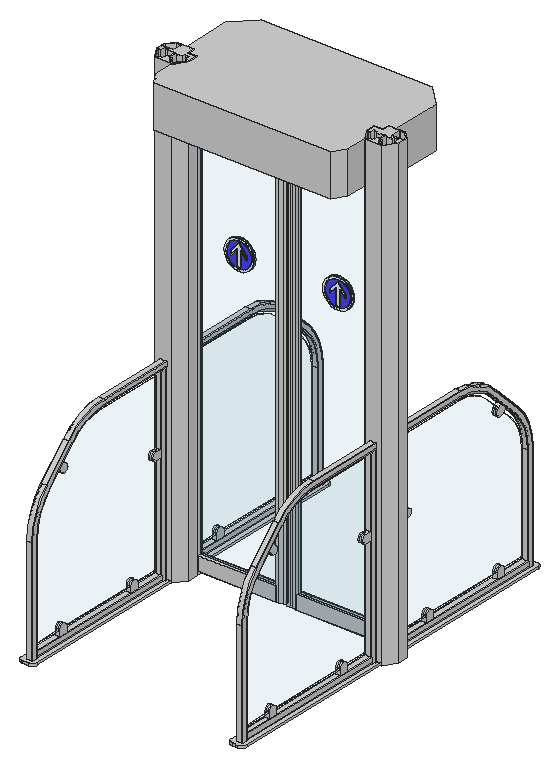
Revit family "assa_abloy_el_single", category Doors, Revit 2026
Family settings
  Work Plane-Based = No
  Always vertical = Yes
  Cut with Voids When Loaded = No
  Shared = No
  Room Calculation Point = No
Parameters (values of type "FlipFlow Wide_1229")
  Width = NominalWidth  # 1229.00 mm
  Weight = "n/a"
  WarrantyStartDate [instance] = "366.999988425926"
  WarrantyGuarantorParts = "Local door manufacturer"
  WarrantyDurationUnit = "Depends on country"
  WarrantyDurationParts = "Depends on country"
  WarrantyDescription = "Depends on country"
  Version = "1"
  Uniclass2015Version = "1.9"
  Uniclass2015Title = "High security doorsets"
  Uniclass2015Code = "Pr_30_59_24_37"
  URL = "https://www.assaabloyentrance.com"
  Type Comments = ""
  ThresholdStripping = no
  ThresholdRequired = no
  Thickness = 0.00 mm
  ThermalTransmittance = 0
  TagNumber [instance] = "n/a"
  SmokeStop = no
  Size = "2365x2248x1229"
  ShortRailing = yes
  Shape = "cuboid shaped"
  SerialNumber [instance] = "n/a"
  Sensor = agtatec_Record_Aluminium
  SelfClosing = yes
  SafetyDevices = "YES"
  Rubber = agtatec_Record_Rubber
  Rough Width = NominalWidth  # 1229.00 mm
  Rough Height = NominalHeight  # 2365.00 mm
  Revision = "n/a"
  ReplacementCost = "Depends on the configuration and door type"
  Reference = "n/a"
  ProductInformation = "www.agta-record.com"
  PassageWidthOptions = "650/900/1100/1200"
  PassageWidth = 900.00 mm
  PassageHeight = 2150.00 mm
  PanelWidth = (PassageWidth / 2) + 23.10 mm  # 473.10 mm
  PanelGlass = agtatec_Record_Glass
  Operation = "Automatic"
  OperatingTemperature = "n/a"
  OpeningRotationAngle = if(OpenDoor, 90.00°, 0.00°)  # 0.00°
  OpenDoor = no
  NominalWidth = 1229.00 mm
  NominalLength = 2248.00 mm
  NominalHeight = 2365.00 mm
  Name = "EL Wide"
  NBSReference = "25-50-20/175"
  NBSDescription = "Sliding Doorset"
  ModelReference = "depends on the configuration"
  ModelNumber = "n/a"
  Model = ""
  Material = "Aluminium"
  ManufacturerURL = "www.agta-record.com"
  Manufacturer = "info@blasi.info"
  Length = 5999.839 mm
  LeafColourOptions = "n/a"
  LargeRailing = no
  Keynote = ""
  IsExternal = no
  InstallationDate [instance] = "366.999988425926"
  Infiltration = 0
  IfcExportType = "Door"
  IfcExportAs = "IFCDoorStyle"
  HeightUnderCanopyOptions = "n/a"
  Height = NominalHeight  # 2365.00 mm
  HasDrive = yes
  HandicapAccessible = yes
  Grade = "n/a"
  GlassType = "n/a"
  GlassThickness2 = 0.00 mm
  GlassThickness1 = 0.00 mm
  GlassLayers = 1
  Function = Exterior
  Frames = agtatec_Record_Aluminium
  FrameProfile = "n/a"
  FrameMaterial = agtatec_Record_Aluminium
  FrameFinishOptions = "stainless steel finish"
  Fire Rating = ""
  Finish = "Aluminium and Glass"
  Features = "n/a"
  Extended = no
  ExpectedLife = "n/a"
  ElectronicLock = yes
  DurationUnit = "Year"
  DoorsetOptions = "n/a"
  DoorsetOperation = "n/a"
  DoorsetFasteners = "n/a"
  DoorSeal = yes
  DoorIncluded = yes
  DiameterOptions = "n/a"
  Description = ""
  Define Thermal Properties by = Schematic Type
  Cost = 0
  Construction Type = "Automatic Sliding Door"
  Constituents = "n/a"
  Configuration = "n/a"
  Color = "RAL"
  CodePerformance = "n/a"
  Category = "n/a"
  Capacity = "up tp 2000 people / hour"
  CanopyHeightOptions = "n/a"
  CanopyHeight = 211.00 mm
  BarCode [instance] = "n/a"
  BIMObjectName = "EL Wide"
  Author = "agtatec"
  AssetType = "n/a"
  AssetIdentifier [instance] = "n/a"
  Assembly Code = ""
  AntiFingerTrapRequirement = no
  Analytic Construction = "<None>"
  AlternativeDoorsetGlazing = "n/a"
  AccessoryOptions = "n/a"
  AccessibilityPerformance = "n/a"
Reference planes
  plane 1 "Entry": y = 0
  plane 2: z = 0
  plane 3 "Center (Left/Right)": x = 0
  plane 4 "Top": z = 2361
  plane 5 "PH": z = 2150
  plane 6: x = -450
  plane 7: x = 450
  plane 8: x = 473.1
  plane 9: x = -473.1
  plane 10 "Right": x = 528.4
  plane 11: x = 536.4
  plane 12 "Left": x = -528.4
  plane 13: x = -536.4
  plane 14: y = 9.35
  plane 15: y = 17.45
  plane 16: z = 70.9
  plane 17: z = 2130.9
Forms (mm)
  Sweep 1, solid, material "agtatec_Record_Aluminium" <- "Frames"
    path origin (0, 0, 0) x (1, 0, 0) y (0, 0, 1)
      loop
        line (450, 0) -> (450, 2361)
    profile origin (450, 0, 1180.5) x (-1, 0, 0) y (0, -1, 0)
      loop
        line (-37.465, 128.76) -> (-127.035, 128.76) -> (-164.5, 68.803) -> (-164.5, 20.298) -> (-126.752, -17.45) -> (-43.296, -17.45) -> (-43.296, 20.296) -> (0, 20.296) -> (0, 68.803) -> (-37.465, 128.76)
      loop
        line (-93.15, 103.76) -> (-100.15, 103.76) -> (-100.15, 113.76) -> (-110.85, 113.76) -> (-110.85, 121.863) -> (-127.78, 121.863) -> (-162, 67.057) -> (-162, 65.303) -> (-144.6, 65.303) -> (-144.6, 44) -> (-121.65, 44) -> (-121.65, 53.5) -> (-84.65, 53.5) -> (-84.65, 90.06) -> (-93.15, 90.06) -> (-93.15, 103.76)
      loop
        line (-71.15, 103.76) -> (-71.15, 90.06) -> (-79.65, 90.06) -> (-79.65, 53.5) -> (-42.65, 53.5) -> (-42.65, 44) -> (-19.9, 44) -> (-19.9, 65.303) -> (-2.3, 65.303) -> (-2.3, 67.057) -> (-36.52, 121.863) -> (-53.45, 121.863) -> (-53.45, 113.76) -> (-64.15, 113.76) -> (-64.15, 103.76) -> (-71.15, 103.76)
      loop
        line (-102.6, 39) -> (-162, 39) -> (-162, 21.326) -> (-129.934, -10.74) -> (-106, -10.74) -> (-106, -7.95) -> (-102.6, -7.95) -> (-102.6, 39)
  Sweep 2, solid, material "agtatec_Record_Aluminium" <- "Frames"
    path origin (0, 0, 0) x (-1, 0, 0) y (0, 0, 1)
      loop
        line (450, 0) -> (450, 2361)
    profile origin (-450, 0, 1180.5) x (-1, 0, 0) y (0, -1, 0)
      loop
        line (37.465, 128.76) -> (0, 68.803) -> (0, 20.296) -> (43.296, 20.296) -> (43.296, -17.45) -> (126.752, -17.45) -> (164.5, 20.298) -> (164.5, 68.803) -> (127.035, 128.76) -> (37.465, 128.76)
      loop
        line (93.15, 103.76) -> (93.15, 90.06) -> (84.65, 90.06) -> (84.65, 53.5) -> (121.65, 53.5) -> (121.65, 44) -> (144.6, 44) -> (144.6, 65.303) -> (162, 65.303) -> (162, 67.057) -> (127.78, 121.863) -> (110.85, 121.863) -> (110.85, 113.76) -> (100.15, 113.76) -> (100.15, 103.76) -> (93.15, 103.76)
      loop
        line (71.15, 103.76) -> (64.15, 103.76) -> (64.15, 113.76) -> (53.45, 113.76) -> (53.45, 121.863) -> (36.52, 121.863) -> (2.3, 67.057) -> (2.3, 65.303) -> (19.9, 65.303) -> (19.9, 44) -> (42.65, 44) -> (42.65, 53.5) -> (79.65, 53.5) -> (79.65, 90.06) -> (71.15, 90.06) -> (71.15, 103.76)
      loop
        line (102.6, 39) -> (102.6, -7.95) -> (106, -7.95) -> (106, -10.74) -> (129.934, -10.74) -> (162, 21.326) -> (162, 39) -> (102.6, 39)
  Extrusion 3, solid, material "agtatec_Record_Aluminium" <- "Frames"
    sketch origin (0, 0, 2150) x (-1, 0, 0) y (0, -1, 0)
      loop
        line (-488.1, 129.776) -> (-450, 68.803) -> (-450, 20.296) -> (-493.296, 20.296) -> (-493.296, -17.45) -> (-531.6, -17.45) -> (-531.6, -267.378) -> (-432.428, -366.55) -> (431.978, -366.55) -> (531.6, -266.928) -> (531.6, -17.45) -> (493.296, -17.45) -> (493.296, 20.296) -> (450, 20.296) -> (450, 68.803) -> (487.75, 129.216) -> (487.75, 231.198) -> (447.851, 295.05) -> (-448.458, 295.05) -> (-488.1, 231.61) -> (-488.1, 129.776)
    from 0 to 10
  Extrusion 4, solid, material "agtatec_Record_Aluminium" <- "Frames"
    sketch origin (0, -5999.839, 2150) x (-1, 0, 0) y (0, -1, 0)
      loop
        line (-531.6, -6267.218) -> (-432.428, -6366.389) -> (431.978, -6366.389) -> (531.6, -6266.768) -> (531.6, -6017.289) -> (529.6, -6017.289) -> (529.6, -6266.115) -> (430.974, -6364.389) -> (-431.6, -6364.389) -> (-529.6, -6266.389) -> (-529.6, -6017.289) -> (-531.6, -6017.289) -> (-531.6, -6267.218)
    from 0 to 211
  Extrusion 5, solid, material "agtatec_Record_Aluminium" <- "Frames"
    sketch origin (0, 0, 2150) x (-1, 0, 0) y (0, -1, 0)
      loop
        line (487.75, 128.76) -> (487.75, 231.198) -> (447.851, 295.05) -> (-448.458, 295.05) -> (-488.1, 231.61) -> (-488.1, 128.76) -> (-486.1, 128.76) -> (-486.1, 231.037) -> (-447.35, 293.05) -> (446.742, 293.05) -> (485.75, 230.625) -> (485.75, 128.76) -> (487.75, 128.76)
    from 0 to 211
  Extrusion 6, solid, material "agtatec_Record_Aluminium" <- "Frames"
    sketch origin (0, 0, 2361) x (-1, 0, 0) y (0, -1, 0)
      loop
        line (487.75, 129.216) -> (487.75, 231.198) -> (447.851, 295.05) -> (-448.458, 295.05) -> (-488.1, 231.61) -> (-488.1, 129.776) -> (-450, 68.803) -> (-450, 20.296) -> (-493.296, 20.296) -> (-493.296, -17.45) -> (-531.6, -17.45) -> (-531.6, -267.378) -> (-432.428, -366.55) -> (431.978, -366.55) -> (531.6, -266.928) -> (531.6, -17.45) -> (493.296, -17.45) -> (493.296, 20.296) -> (450, 20.296) -> (450, 68.803) -> (487.75, 129.216)
    from 0 to -10
  Sweep 7, solid, material "agtatec_Record_Aluminium" <- "Frames"
    path origin (528.4, 0, 0) x (0, -1, 0) y (0, 0, 1)
      loop
        line (128.76, 1000) -> (521.973, 1000)
        arc (521.973, 1000) -> (642.519, 976.022) -> (744.712, 907.739) r 315
        line (744.712, 907.739) -> (886.133, 766.317)
        arc (886.133, 766.317) -> (954.417, 664.124) -> (978.395, 543.579) r 315
        line (978.395, 543.579) -> (978.395, 0)
    profile origin (528.4, -325.367, 1000) x (0, 0, 1) y (-1, 0, 0)
      loop
        arc (0, 8.042) -> (-0.893, 10.136) -> (-2.999, 11) r 2.999
        line (-2.999, 11) -> (-26.998, 11)
        arc (-26.998, 11) -> (-29.119, 10.121) -> (-30, 8) r 3
        line (-30, 8) -> (-30, -16.051)
        arc (-30, -16.051) -> (-29.104, -18.139) -> (-27.002, -19) r 2.999
        line (-27.002, -19) -> (-3.001, -19)
        arc (-3.001, -19) -> (-0.894, -18.136) -> (0, -16.041) r 3.001
        line (0, -16.041) -> (0, 8.042)
  Sweep 8, solid, material "agtatec_Record_Aluminium" <- "Frames", visible <- "LargeRailing"
    path origin (528.4, 18.7, 0) x (0, 1, 0) y (0, 0, 1)
      loop
        line (-1.25, 1000) -> (742.679, 1000)
        arc (742.679, 1000) -> (863.225, 976.022) -> (965.418, 907.739) r 315
        line (965.418, 907.739) -> (1106.841, 766.316)
        arc (1106.841, 766.316) -> (1175.124, 664.122) -> (1199.102, 543.577) r 315
        line (1199.102, 543.577) -> (1199.102, 0)
    profile origin (528.4, 389.415, 1000) x (0, 0, -1) y (-1, 0, 0)
      loop
        line (0, 8.042) -> (0, -16.041)
        arc (0, -16.041) -> (0.894, -18.136) -> (3.001, -19) r 3.001
        line (3.001, -19) -> (27.002, -19)
        arc (27.002, -19) -> (29.104, -18.139) -> (30, -16.051) r 2.999
        line (30, -16.051) -> (30, 8)
        arc (30, 8) -> (29.119, 10.121) -> (26.998, 11) r 3
        line (26.998, 11) -> (2.999, 11)
        arc (2.999, 11) -> (0.893, 10.136) -> (0, 8.042) r 2.999
  Extrusion 9, solid, material "agtatec_Record_Aluminium" <- "Frames"
    sketch origin (0, 0, 0) x (1, 0, 0) y (0, 1, 0)
      loop
        line (492.399, -128.76) -> (492.399, -978.395)
        arc (492.399, -978.395) -> (499.722, -996.072) -> (517.399, -1003.395) r 25
        line (517.399, -1003.395) -> (547.399, -1003.395)
        arc (547.399, -1003.395) -> (565.077, -996.072) -> (572.399, -978.395) r 25
        line (572.399, -978.395) -> (572.399, -128.76) -> (544.441, -128.76)
        arc (544.441, -128.76) -> (546.562, -129.639) -> (547.441, -131.76) r 3
        line (547.441, -131.76) -> (547.441, -155.76)
        arc (547.441, -155.76) -> (546.564, -157.879) -> (544.448, -158.76) r 3
        line (544.448, -158.76) -> (520.433, -158.76)
        arc (520.433, -158.76) -> (518.317, -157.879) -> (517.441, -155.76) r 3
        line (517.441, -155.76) -> (517.441, -131.76)
        arc (517.441, -131.76) -> (518.319, -129.639) -> (520.441, -128.76) r 3
        line (520.441, -128.76) -> (492.399, -128.76)
      loop
        line (520.358, -978.395) -> (544.441, -978.395)
        arc (544.441, -978.395) -> (546.536, -977.501) -> (547.4, -975.394) r 3.001
        line (547.4, -975.394) -> (547.4, -951.393)
        arc (547.4, -951.393) -> (546.539, -949.29) -> (544.451, -948.394) r 2.999
        line (544.451, -948.394) -> (520.4, -948.394)
        arc (520.4, -948.394) -> (518.279, -949.275) -> (517.4, -951.397) r 3
        line (517.4, -951.397) -> (517.4, -975.396)
        arc (517.4, -975.396) -> (518.264, -977.502) -> (520.358, -978.395) r 2.999
    from 0 to 10
  Extrusion 10, solid, material "agtatec_Record_Aluminium" <- "Frames", visible <- "LargeRailing"
    sketch origin (0, 239.408, 0) x (1, 0, 0) y (0, 1, 0)
      loop
        line (492.399, -221.958) -> (520.441, -221.958)
        arc (520.441, -221.958) -> (518.319, -221.079) -> (517.441, -218.958) r 3
        line (517.441, -218.958) -> (517.441, -194.958)
        arc (517.441, -194.958) -> (518.317, -192.839) -> (520.433, -191.958) r 3
        line (520.433, -191.958) -> (544.448, -191.958)
        arc (544.448, -191.958) -> (546.564, -192.839) -> (547.441, -194.958) r 3
        line (547.441, -194.958) -> (547.441, -218.958)
        arc (547.441, -218.958) -> (546.562, -221.079) -> (544.441, -221.958) r 3
        line (544.441, -221.958) -> (572.399, -221.958) -> (572.399, 978.395)
        arc (572.399, 978.395) -> (565.077, 996.072) -> (547.399, 1003.395) r 25
        line (547.399, 1003.395) -> (517.399, 1003.395)
        arc (517.399, 1003.395) -> (499.722, 996.072) -> (492.399, 978.395) r 25
        line (492.399, 978.395) -> (492.399, -221.958)
      loop
        line (517.4, 975.396) -> (517.4, 951.397)
        arc (517.4, 951.397) -> (518.279, 949.275) -> (520.4, 948.397) r 3
        line (520.4, 948.397) -> (544.451, 948.394)
        arc (544.451, 948.394) -> (546.539, 949.29) -> (547.4, 951.393) r 2.999
        line (547.4, 951.393) -> (547.4, 975.394)
        arc (547.4, 975.394) -> (546.536, 977.501) -> (544.441, 978.395) r 3.001
        line (544.441, 978.395) -> (520.358, 978.395)
        arc (520.358, 978.395) -> (518.264, 977.502) -> (517.4, 975.396) r 2.999
    from 0 to 10
  Extrusion 11, solid, material "agtatec_Record_Aluminium" <- "Frames", visible <- "LargeRailing"
    sketch origin (0, 47.45, 256.131) x (0, 0, -1) y (1, 0, 0)
      loop
        line (-213.868, 544.496) -> (-213.868, 520.302)
        arc (-213.868, 520.302) -> (-212.989, 518.235) -> (-210.921, 517.358) r 3
        line (-210.921, 517.358) -> (-186.871, 517.358)
        arc (-186.871, 517.358) -> (-184.749, 518.237) -> (-183.869, 520.359) r 3.002
        line (-183.869, 520.359) -> (-183.869, 544.439)
        arc (-183.869, 544.439) -> (-184.749, 546.561) -> (-186.871, 547.441) r 3.002
        line (-186.871, 547.441) -> (-210.921, 547.441)
        arc (-210.921, 547.441) -> (-212.989, 546.563) -> (-213.868, 544.496) r 3
    from 0 to -1140.352
  Extrusion 12, solid, material "agtatec_Record_Aluminium" <- "Frames"
    sketch origin (0, 0, 0) x (1, 0, 0) y (0, 1, 0)
      loop
        arc (517.441, -155.76) -> (518.317, -157.879) -> (520.433, -158.76) r 3
        line (520.433, -158.76) -> (544.448, -158.76)
        arc (544.448, -158.76) -> (546.564, -157.879) -> (547.441, -155.76) r 3
        line (547.441, -155.76) -> (547.441, -131.76)
        arc (547.441, -131.76) -> (546.562, -129.639) -> (544.441, -128.76) r 3
        line (544.441, -128.76) -> (520.441, -128.76)
        arc (520.441, -128.76) -> (518.319, -129.639) -> (517.441, -131.76) r 3
        line (517.441, -131.76) -> (517.441, -155.76)
    from 0 to 970
  Extrusion 13, solid, material "agtatec_Record_Glass" <- "PanelGlass", visible <- "LargeRailing"
    sketch origin (528.4, 0, 0) x (0, -1, 0) y (0, 0, 1)
      loop
        arc (-767.249, 949.5) -> (-862.92, 930.47) -> (-944.026, 876.277) r 250
        line (-944.026, 876.277) -> (-1004.912, 815.391) -> (-998.265, 808.744)
        arc (-998.265, 808.744) -> (-998.265, 780.46) -> (-1026.549, 780.46) r 20
        line (-1026.549, 780.46) -> (-1033.196, 787.107) -> (-1094.579, 725.724)
        arc (-1094.579, 725.724) -> (-1148.772, 644.618) -> (-1167.802, 548.947) r 250
        line (-1167.802, 548.947) -> (-1167.802, 490.5) -> (-957.802, 490.5) -> (-957.802, 500)
        arc (-957.802, 500) -> (-937.802, 520) -> (-917.802, 500) r 20
        line (-917.802, 500) -> (-917.802, 490.5) -> (-287.805, 490.5) -> (-287.805, 500)
        arc (-287.805, 500) -> (-267.805, 520) -> (-247.805, 500) r 20
        line (-247.805, 500) -> (-247.805, 490.5) -> (-67.805, 490.5) -> (-67.805, 949.5) -> (-247.805, 949.5) -> (-247.805, 940)
        arc (-247.805, 940) -> (-267.805, 920) -> (-287.805, 940) r 20
        line (-287.805, 940) -> (-287.805, 949.5) -> (-767.249, 949.5)
    from 0 to -8
  Extrusion 14, solid, material "agtatec_Record_Aluminium" <- "Frames", visible <- "LargeRailing"
    sketch origin (0, -111.31, 0) x (1, 0, 0) y (0, 1, 0)
      loop
        line (517.441, 155.76) -> (517.441, 131.76)
        arc (517.441, 131.76) -> (518.319, 129.639) -> (520.441, 128.76) r 3
        line (520.441, 128.76) -> (544.441, 128.76)
        arc (544.441, 128.76) -> (546.562, 129.639) -> (547.441, 131.76) r 3
        line (547.441, 131.76) -> (547.441, 155.76)
        arc (547.441, 155.76) -> (546.564, 157.879) -> (544.448, 158.76) r 3
        line (544.448, 158.76) -> (520.433, 158.76)
        arc (520.433, 158.76) -> (518.317, 157.879) -> (517.441, 155.76) r 3
    from 0 to 970
  Extrusion 15, solid, material "agtatec_Record_Glass" <- "PanelGlass", visible <- "LargeRailing"
    sketch origin (528.4, 0, 0) x (0, -1, 0) y (0, 0, 1)
      loop
        line (-67.805, 420) -> (-247.805, 420) -> (-247.805, 410)
        arc (-247.805, 410) -> (-267.805, 390) -> (-287.805, 410) r 20
        line (-287.805, 410) -> (-287.805, 420) -> (-917.802, 420) -> (-917.802, 410)
        arc (-917.802, 410) -> (-937.802, 390) -> (-957.802, 410) r 20
        line (-957.802, 410) -> (-957.802, 420) -> (-1167.805, 420) -> (-1167.805, 60) -> (-957.802, 60) -> (-957.802, 70)
        arc (-957.802, 70) -> (-937.802, 90) -> (-917.802, 70) r 20
        line (-917.802, 70) -> (-917.802, 60) -> (-287.805, 60) -> (-287.805, 70)
        arc (-287.805, 70) -> (-267.805, 90) -> (-247.805, 70) r 20
        line (-247.805, 70) -> (-247.805, 60) -> (-67.805, 60) -> (-67.805, 420)
    from 0 to -8
  Extrusion 16, solid, material "agtatec_Record_Glass" <- "PanelGlass"
    sketch origin (528.4, 0, 0) x (0, -1, 0) y (0, 0, 1)
      loop
        line (178.395, 60) -> (308.395, 60) -> (308.395, 69.999)
        arc (308.395, 69.999) -> (328.395, 89.999) -> (348.395, 69.999) r 20
        line (348.395, 69.999) -> (348.395, 60) -> (758.395, 60) -> (758.395, 69.999)
        arc (758.395, 69.999) -> (778.395, 89.999) -> (798.395, 69.999) r 20
        line (798.395, 69.999) -> (798.395, 60) -> (928.395, 60) -> (928.395, 549.447)
        arc (928.395, 549.447) -> (909.365, 645.117) -> (855.171, 726.223) r 250
        line (855.171, 726.223) -> (794.037, 787.358) -> (787.138, 780.459)
        arc (787.138, 780.459) -> (758.854, 780.459) -> (758.854, 808.744) r 20
        line (758.854, 808.744) -> (765.753, 815.642) -> (704.618, 876.777)
        arc (704.618, 876.777) -> (623.512, 930.97) -> (527.841, 950) r 250
        line (527.841, 950) -> (178.395, 950) -> (178.395, 610) -> (188.76, 610)
        arc (188.76, 610) -> (208.76, 590) -> (188.76, 570) r 20
        line (188.76, 570) -> (178.395, 570) -> (178.395, 60)
    from 0 to -8
  Extrusion 17, solid, material "agtatec_Record_Aluminium" <- "Frames", visible <- "LargeRailing"
    sketch origin (0, 47.45, 256.131) x (0, 0, -1) y (1, 0, 0)
      loop
        line (216.132, 544.496) -> (216.132, 520.302)
        arc (216.132, 520.302) -> (217.011, 518.235) -> (219.079, 517.358) r 3
        line (219.079, 517.358) -> (243.129, 517.358)
        arc (243.129, 517.358) -> (245.251, 518.237) -> (246.131, 520.359) r 3.002
        line (246.131, 520.359) -> (246.131, 544.439)
        arc (246.131, 544.439) -> (245.251, 546.561) -> (243.129, 547.441) r 3.002
        line (243.129, 547.441) -> (219.079, 547.441)
        arc (219.079, 547.441) -> (217.011, 546.563) -> (216.132, 544.496) r 3
    from 0 to -1140.352
  Extrusion 18, solid, material "agtatec_Record_Aluminium" <- "Frames"
    sketch origin (0, -47.45, 256.131) x (0, 0, -1) y (-1, 0, 0)
      loop
        arc (216.132, -544.496) -> (217.011, -546.563) -> (219.079, -547.441) r 3
        line (219.079, -547.441) -> (243.129, -547.441)
        arc (243.129, -547.441) -> (245.251, -546.561) -> (246.131, -544.439) r 3.002
        line (246.131, -544.439) -> (246.131, -520.359)
        arc (246.131, -520.359) -> (245.251, -518.237) -> (243.129, -517.358) r 3.002
        line (243.129, -517.358) -> (219.079, -517.358)
        arc (219.079, -517.358) -> (217.011, -518.235) -> (216.132, -520.302) r 3
        line (216.132, -520.302) -> (216.132, -544.496)
    from -111.31 to -900.945
  Extrusion 19, solid, material "agtatec_Record_Aluminium" <- "Frames", visible <- "LargeRailing"
    sketch origin (528.4, 0, 0) x (0, -1, 0) y (0, 0, 1)
      loop
        line (-247.805, 970) -> (-287.805, 970) -> (-287.805, 940)
        arc (-287.805, 940) -> (-267.805, 920) -> (-247.805, 940) r 20
        line (-247.805, 940) -> (-247.805, 970)
      loop
        line (-1019.478, 829.957) -> (-1047.762, 801.673) -> (-1026.549, 780.46)
        arc (-1026.549, 780.46) -> (-998.265, 780.46) -> (-998.265, 808.744) r 20
        line (-998.265, 808.744) -> (-1019.478, 829.957)
      loop
        line (-957.802, 470) -> (-917.802, 470) -> (-917.802, 500)
        arc (-917.802, 500) -> (-937.802, 520) -> (-957.802, 500) r 20
        line (-957.802, 500) -> (-957.802, 470)
      loop
        line (-247.805, 470) -> (-247.805, 500)
        arc (-247.805, 500) -> (-267.805, 520) -> (-287.805, 500) r 20
        line (-287.805, 500) -> (-287.805, 470) -> (-247.805, 470)
      loop
        line (-957.802, 440) -> (-957.802, 410)
        arc (-957.802, 410) -> (-937.802, 390) -> (-917.802, 410) r 20
        line (-917.802, 410) -> (-917.802, 440) -> (-957.802, 440)
      loop
        line (-247.805, 440) -> (-287.805, 440) -> (-287.805, 410)
        arc (-287.805, 410) -> (-267.805, 390) -> (-247.805, 410) r 20
        line (-247.805, 410) -> (-247.805, 440)
      loop
        line (-957.802, 40) -> (-917.802, 40) -> (-917.802, 70)
        arc (-917.802, 70) -> (-937.802, 90) -> (-957.802, 70) r 20
        line (-957.802, 70) -> (-957.802, 40)
      loop
        line (-247.805, 40) -> (-247.805, 70)
        arc (-247.805, 70) -> (-267.805, 90) -> (-287.805, 70) r 20
        line (-287.805, 70) -> (-287.805, 40) -> (-247.805, 40)
    from -16 to 8
  Extrusion 20, solid, material "agtatec_Record_Aluminium" <- "Frames"
    sketch origin (528.4, 0, 0) x (0, -1, 0) y (0, 0, 1)
      loop
        line (780.067, 829.957) -> (758.854, 808.744)
        arc (758.854, 808.744) -> (758.854, 780.459) -> (787.138, 780.459) r 20
        line (787.138, 780.459) -> (808.351, 801.672) -> (780.067, 829.957)
      loop
        line (798.395, 39.999) -> (798.395, 69.999)
        arc (798.395, 69.999) -> (778.395, 89.999) -> (758.395, 69.999) r 20
        line (758.395, 69.999) -> (758.395, 39.999) -> (798.395, 39.999)
      loop
        line (348.395, 39.999) -> (348.395, 69.999)
        arc (348.395, 69.999) -> (328.395, 89.999) -> (308.395, 69.999) r 20
        line (308.395, 69.999) -> (308.395, 39.999) -> (348.395, 39.999)
      loop
        line (158.76, 570) -> (188.76, 570)
        arc (188.76, 570) -> (208.76, 590) -> (188.76, 610) r 20
        line (188.76, 610) -> (158.76, 610) -> (158.76, 570)
    from -16 to 8
  Sweep 21, solid, material "agtatec_Record_Aluminium" <- "Frames"
    path origin (-528.4, 0, 0) x (0, -1, 0) y (0, 0, 1)
      loop
        line (128.76, 1000) -> (521.973, 1000)
        arc (521.973, 1000) -> (642.519, 976.022) -> (744.712, 907.739) r 315
        line (744.712, 907.739) -> (886.133, 766.317)
        arc (886.133, 766.317) -> (954.417, 664.124) -> (978.395, 543.579) r 315
        line (978.395, 543.579) -> (978.395, 0)
    profile origin (-528.4, -325.367, 1000) x (0, 0, -1) y (1, 0, 0)
      loop
        line (0, 8.042) -> (0, -16.041)
        arc (0, -16.041) -> (0.894, -18.136) -> (3.001, -19) r 3.001
        line (3.001, -19) -> (27.002, -19)
        arc (27.002, -19) -> (29.104, -18.139) -> (30, -16.051) r 2.999
        line (30, -16.051) -> (30, 8)
        arc (30, 8) -> (29.119, 10.121) -> (26.998, 11) r 3
        line (26.998, 11) -> (2.999, 11)
        arc (2.999, 11) -> (0.893, 10.136) -> (0, 8.042) r 2.999
  Sweep 22, solid, material "agtatec_Record_Aluminium" <- "Frames", visible <- "LargeRailing"
    path origin (-528.4, 0, 0) x (0, -1, 0) y (0, 0, 1)
      loop
        line (-17.45, 1000) -> (-761.379, 1000)
        arc (-761.379, 1000) -> (-881.925, 976.022) -> (-984.118, 907.739) r 315
        line (-984.118, 907.739) -> (-1125.541, 766.316)
        arc (-1125.541, 766.316) -> (-1193.824, 664.122) -> (-1217.802, 543.577) r 315
        line (-1217.802, 543.577) -> (-1217.802, 0)
    profile origin (-528.4, 389.415, 1000) x (0, 0, 1) y (1, 0, 0)
      loop
        arc (0, 8.042) -> (-0.893, 10.136) -> (-2.999, 11) r 2.999
        line (-2.999, 11) -> (-26.998, 11)
        arc (-26.998, 11) -> (-29.119, 10.121) -> (-30, 8) r 3
        line (-30, 8) -> (-30, -16.051)
        arc (-30, -16.051) -> (-29.104, -18.139) -> (-27.002, -19) r 2.999
        line (-27.002, -19) -> (-3.001, -19)
        arc (-3.001, -19) -> (-0.894, -18.136) -> (0, -16.041) r 3.001
        line (0, -16.041) -> (0, 8.042)
  Extrusion 23, solid, material "agtatec_Record_Aluminium" <- "Frames"
    sketch origin (0, 0, 0) x (-1, 0, 0) y (0, -1, 0)
      loop
        line (492.399, 128.76) -> (520.441, 128.76)
        arc (520.441, 128.76) -> (518.319, 129.639) -> (517.441, 131.76) r 3
        line (517.441, 131.76) -> (517.441, 155.76)
        arc (517.441, 155.76) -> (518.317, 157.879) -> (520.433, 158.76) r 3
        line (520.433, 158.76) -> (544.448, 158.76)
        arc (544.448, 158.76) -> (546.564, 157.879) -> (547.441, 155.76) r 3
        line (547.441, 155.76) -> (547.441, 131.76)
        arc (547.441, 131.76) -> (546.562, 129.639) -> (544.441, 128.76) r 3
        line (544.441, 128.76) -> (572.399, 128.76) -> (572.399, 978.395)
        arc (572.399, 978.395) -> (565.077, 996.072) -> (547.399, 1003.395) r 25
        line (547.399, 1003.395) -> (517.399, 1003.395)
        arc (517.399, 1003.395) -> (499.722, 996.072) -> (492.399, 978.395) r 25
        line (492.399, 978.395) -> (492.399, 128.76)
      loop
        arc (520.358, 978.395) -> (518.264, 977.502) -> (517.4, 975.396) r 2.999
        line (517.4, 975.396) -> (517.4, 951.397)
        arc (517.4, 951.397) -> (518.279, 949.275) -> (520.4, 948.394) r 3
        line (520.4, 948.394) -> (544.451, 948.394)
        arc (544.451, 948.394) -> (546.539, 949.29) -> (547.4, 951.393) r 2.999
        line (547.4, 951.393) -> (547.4, 975.394)
        arc (547.4, 975.394) -> (546.536, 977.501) -> (544.441, 978.395) r 3.001
        line (544.441, 978.395) -> (520.358, 978.395)
    from 0 to 10
  Extrusion 24, solid, material "agtatec_Record_Aluminium" <- "Frames", visible <- "LargeRailing"
    sketch origin (0, 239.408, 0) x (-1, 0, 0) y (0, -1, 0)
      loop
        line (492.399, 221.958) -> (492.399, -978.395)
        arc (492.399, -978.395) -> (499.722, -996.072) -> (517.399, -1003.395) r 25
        line (517.399, -1003.395) -> (547.399, -1003.395)
        arc (547.399, -1003.395) -> (565.077, -996.072) -> (572.399, -978.395) r 25
        line (572.399, -978.395) -> (572.399, 221.958) -> (544.441, 221.958)
        arc (544.441, 221.958) -> (546.562, 221.079) -> (547.441, 218.958) r 3
        line (547.441, 218.958) -> (547.441, 194.958)
        arc (547.441, 194.958) -> (546.564, 192.839) -> (544.448, 191.958) r 3
        line (544.448, 191.958) -> (520.433, 191.958)
        arc (520.433, 191.958) -> (518.317, 192.839) -> (517.441, 194.958) r 3
        line (517.441, 194.958) -> (517.441, 218.958)
        arc (517.441, 218.958) -> (518.319, 221.079) -> (520.441, 221.958) r 3
        line (520.441, 221.958) -> (492.399, 221.958)
      loop
        arc (517.4, -975.396) -> (518.264, -977.502) -> (520.358, -978.395) r 2.999
        line (520.358, -978.395) -> (544.441, -978.395)
        arc (544.441, -978.395) -> (546.536, -977.501) -> (547.4, -975.394) r 3.001
        line (547.4, -975.394) -> (547.4, -951.393)
        arc (547.4, -951.393) -> (546.539, -949.29) -> (544.451, -948.394) r 2.999
        line (544.451, -948.394) -> (520.4, -948.397)
        arc (520.4, -948.397) -> (518.279, -949.275) -> (517.4, -951.397) r 3
        line (517.4, -951.397) -> (517.4, -975.396)
    from 0 to 10
  Extrusion 25, solid, material "agtatec_Record_Aluminium" <- "Frames", visible <- "LargeRailing"
    sketch origin (0, 47.45, 256.131) x (0, 0, -1) y (1, 0, 0)
      loop
        arc (-213.868, -544.496) -> (-212.989, -546.563) -> (-210.921, -547.441) r 3
        line (-210.921, -547.441) -> (-186.871, -547.441)
        arc (-186.871, -547.441) -> (-184.749, -546.561) -> (-183.869, -544.439) r 3.002
        line (-183.869, -544.439) -> (-183.869, -520.359)
        arc (-183.869, -520.359) -> (-184.749, -518.237) -> (-186.871, -517.358) r 3.002
        line (-186.871, -517.358) -> (-210.921, -517.358)
        arc (-210.921, -517.358) -> (-212.989, -518.235) -> (-213.868, -520.302) r 3
        line (-213.868, -520.302) -> (-213.868, -544.496)
    from 0 to -1140.352
  Extrusion 26, solid, material "agtatec_Record_Aluminium" <- "Frames"
    sketch origin (0, 0, 0) x (-1, 0, 0) y (0, -1, 0)
      loop
        line (517.441, 155.76) -> (517.441, 131.76)
        arc (517.441, 131.76) -> (518.319, 129.639) -> (520.441, 128.76) r 3
        line (520.441, 128.76) -> (544.441, 128.76)
        arc (544.441, 128.76) -> (546.562, 129.639) -> (547.441, 131.76) r 3
        line (547.441, 131.76) -> (547.441, 155.76)
        arc (547.441, 155.76) -> (546.564, 157.879) -> (544.448, 158.76) r 3
        line (544.448, 158.76) -> (520.433, 158.76)
        arc (520.433, 158.76) -> (518.317, 157.879) -> (517.441, 155.76) r 3
    from 0 to 970
  Extrusion 27, solid, material "agtatec_Record_Glass" <- "PanelGlass", visible <- "LargeRailing"
    sketch origin (-528.4, 0, 0) x (0, -1, 0) y (0, 0, -1)
      loop
        line (-767.249, -949.5) -> (-287.805, -949.5) -> (-287.805, -940)
        arc (-287.805, -940) -> (-267.805, -920) -> (-247.805, -940) r 20
        line (-247.805, -940) -> (-247.805, -949.5) -> (-67.805, -949.5) -> (-67.805, -490.5) -> (-247.805, -490.5) -> (-247.805, -500)
        arc (-247.805, -500) -> (-267.805, -520) -> (-287.805, -500) r 20
        line (-287.805, -500) -> (-287.805, -490.5) -> (-917.802, -490.5) -> (-917.802, -500)
        arc (-917.802, -500) -> (-937.802, -520) -> (-957.802, -500) r 20
        line (-957.802, -500) -> (-957.802, -490.5) -> (-1167.802, -490.5) -> (-1167.802, -548.947)
        arc (-1167.802, -548.947) -> (-1148.772, -644.618) -> (-1094.579, -725.724) r 250
        line (-1094.579, -725.724) -> (-1033.196, -787.107) -> (-1026.549, -780.46)
        arc (-1026.549, -780.46) -> (-998.265, -780.46) -> (-998.265, -808.744) r 20
        line (-998.265, -808.744) -> (-1004.912, -815.391) -> (-944.026, -876.277)
        arc (-944.026, -876.277) -> (-862.92, -930.47) -> (-767.249, -949.5) r 250
    from 0 to -8
  Extrusion 28, solid, material "agtatec_Record_Aluminium" <- "Frames", visible <- "LargeRailing"
    sketch origin (0, -111.31, 0) x (-1, 0, 0) y (0, -1, 0)
      loop
        arc (517.441, -155.76) -> (518.317, -157.879) -> (520.433, -158.76) r 3
        line (520.433, -158.76) -> (544.448, -158.76)
        arc (544.448, -158.76) -> (546.564, -157.879) -> (547.441, -155.76) r 3
        line (547.441, -155.76) -> (547.441, -131.76)
        arc (547.441, -131.76) -> (546.562, -129.639) -> (544.441, -128.76) r 3
        line (544.441, -128.76) -> (520.441, -128.76)
        arc (520.441, -128.76) -> (518.319, -129.639) -> (517.441, -131.76) r 3
        line (517.441, -131.76) -> (517.441, -155.76)
    from 0 to 970
  Extrusion 29, solid, material "agtatec_Record_Glass" <- "PanelGlass", visible <- "LargeRailing"
    sketch origin (-528.4, 0, 0) x (0, -1, 0) y (0, 0, -1)
      loop
        line (-67.805, -420) -> (-67.805, -60) -> (-247.805, -60) -> (-247.805, -70)
        arc (-247.805, -70) -> (-267.805, -90) -> (-287.805, -70) r 20
        line (-287.805, -70) -> (-287.805, -60) -> (-917.802, -60) -> (-917.802, -70)
        arc (-917.802, -70) -> (-937.802, -90) -> (-957.802, -70) r 20
        line (-957.802, -70) -> (-957.802, -60) -> (-1167.805, -60) -> (-1167.805, -420) -> (-957.802, -420) -> (-957.802, -410)
        arc (-957.802, -410) -> (-937.802, -390) -> (-917.802, -410) r 20
        line (-917.802, -410) -> (-917.802, -420) -> (-287.805, -420) -> (-287.805, -410)
        arc (-287.805, -410) -> (-267.805, -390) -> (-247.805, -410) r 20
        line (-247.805, -410) -> (-247.805, -420) -> (-67.805, -420)
    from 0 to -8
  Extrusion 30, solid, material "agtatec_Record_Glass" <- "PanelGlass"
    sketch origin (-528.4, 0, 0) x (0, -1, 0) y (0, 0, -1)
      loop
        line (178.395, -60) -> (178.395, -570) -> (188.76, -570)
        arc (188.76, -570) -> (208.76, -590) -> (188.76, -610) r 20
        line (188.76, -610) -> (178.395, -610) -> (178.395, -950) -> (527.841, -950)
        arc (527.841, -950) -> (623.512, -930.97) -> (704.618, -876.777) r 250
        line (704.618, -876.777) -> (765.753, -815.642) -> (758.854, -808.744)
        arc (758.854, -808.744) -> (758.854, -780.459) -> (787.138, -780.459) r 20
        line (787.138, -780.459) -> (794.037, -787.358) -> (855.171, -726.223)
        arc (855.171, -726.223) -> (909.365, -645.117) -> (928.395, -549.447) r 250
        line (928.395, -549.447) -> (928.395, -60) -> (798.395, -60) -> (798.395, -69.999)
        arc (798.395, -69.999) -> (778.395, -89.999) -> (758.395, -69.999) r 20
        line (758.395, -69.999) -> (758.395, -60) -> (348.395, -60) -> (348.395, -69.999)
        arc (348.395, -69.999) -> (328.395, -89.999) -> (308.395, -69.999) r 20
        line (308.395, -69.999) -> (308.395, -60) -> (178.395, -60)
    from 0 to -8
  Extrusion 31, solid, material "agtatec_Record_Aluminium" <- "Frames", visible <- "LargeRailing"
    sketch origin (0, 47.45, 256.131) x (0, 0, -1) y (1, 0, 0)
      loop
        arc (216.132, -544.496) -> (217.011, -546.563) -> (219.079, -547.441) r 3
        line (219.079, -547.441) -> (243.129, -547.441)
        arc (243.129, -547.441) -> (245.251, -546.561) -> (246.131, -544.439) r 3.002
        line (246.131, -544.439) -> (246.131, -520.359)
        arc (246.131, -520.359) -> (245.251, -518.237) -> (243.129, -517.358) r 3.002
        line (243.129, -517.358) -> (219.079, -517.358)
        arc (219.079, -517.358) -> (217.011, -518.235) -> (216.132, -520.302) r 3
        line (216.132, -520.302) -> (216.132, -544.496)
    from 0 to -1140.352
  Extrusion 32, solid, material "agtatec_Record_Aluminium" <- "Frames"
    sketch origin (0, -47.45, 256.131) x (0, 0, -1) y (-1, 0, 0)
      loop
        line (216.132, 544.496) -> (216.132, 520.302)
        arc (216.132, 520.302) -> (217.011, 518.235) -> (219.079, 517.358) r 3
        line (219.079, 517.358) -> (243.129, 517.358)
        arc (243.129, 517.358) -> (245.251, 518.237) -> (246.131, 520.359) r 3.002
        line (246.131, 520.359) -> (246.131, 544.439)
        arc (246.131, 544.439) -> (245.251, 546.561) -> (243.129, 547.441) r 3.002
        line (243.129, 547.441) -> (219.079, 547.441)
        arc (219.079, 547.441) -> (217.011, 546.563) -> (216.132, 544.496) r 3
    from -111.31 to -900.945
  Extrusion 33, solid, material "agtatec_Record_Aluminium" <- "Frames", visible <- "LargeRailing"
    sketch origin (-528.4, 0, 0) x (0, -1, 0) y (0, 0, -1)
      loop
        line (-247.805, -970) -> (-247.805, -940)
        arc (-247.805, -940) -> (-267.805, -920) -> (-287.805, -940) r 20
        line (-287.805, -940) -> (-287.805, -970) -> (-247.805, -970)
      loop
        line (-1019.478, -829.957) -> (-998.265, -808.744)
        arc (-998.265, -808.744) -> (-998.265, -780.46) -> (-1026.549, -780.46) r 20
        line (-1026.549, -780.46) -> (-1047.762, -801.673) -> (-1019.478, -829.957)
      loop
        line (-957.802, -470) -> (-957.802, -500)
        arc (-957.802, -500) -> (-937.802, -520) -> (-917.802, -500) r 20
        line (-917.802, -500) -> (-917.802, -470) -> (-957.802, -470)
      loop
        line (-247.805, -470) -> (-287.805, -470) -> (-287.805, -500)
        arc (-287.805, -500) -> (-267.805, -520) -> (-247.805, -500) r 20
        line (-247.805, -500) -> (-247.805, -470)
      loop
        line (-957.802, -440) -> (-917.802, -440) -> (-917.802, -410)
        arc (-917.802, -410) -> (-937.802, -390) -> (-957.802, -410) r 20
        line (-957.802, -410) -> (-957.802, -440)
      loop
        line (-247.805, -440) -> (-247.805, -410)
        arc (-247.805, -410) -> (-267.805, -390) -> (-287.805, -410) r 20
        line (-287.805, -410) -> (-287.805, -440) -> (-247.805, -440)
      loop
        line (-957.802, -40) -> (-957.802, -70)
        arc (-957.802, -70) -> (-937.802, -90) -> (-917.802, -70) r 20
        line (-917.802, -70) -> (-917.802, -40) -> (-957.802, -40)
      loop
        line (-247.805, -40) -> (-287.805, -40) -> (-287.805, -70)
        arc (-287.805, -70) -> (-267.805, -90) -> (-247.805, -70) r 20
        line (-247.805, -70) -> (-247.805, -40)
    from -16 to 8
  Extrusion 34, solid, material "agtatec_Record_Aluminium" <- "Frames"
    sketch origin (-528.4, 0, 0) x (0, -1, 0) y (0, 0, -1)
      loop
        line (780.067, -829.957) -> (808.351, -801.672) -> (787.138, -780.459)
        arc (787.138, -780.459) -> (758.854, -780.459) -> (758.854, -808.744) r 20
        line (758.854, -808.744) -> (780.067, -829.957)
      loop
        line (798.395, -39.999) -> (758.395, -39.999) -> (758.395, -69.999)
        arc (758.395, -69.999) -> (778.395, -89.999) -> (798.395, -69.999) r 20
        line (798.395, -69.999) -> (798.395, -39.999)
      loop
        line (348.395, -39.999) -> (308.395, -39.999) -> (308.395, -69.999)
        arc (308.395, -69.999) -> (328.395, -89.999) -> (348.395, -69.999) r 20
        line (348.395, -69.999) -> (348.395, -39.999)
      loop
        line (158.76, -570) -> (158.76, -610) -> (188.76, -610)
        arc (188.76, -610) -> (208.76, -590) -> (188.76, -570) r 20
        line (188.76, -570) -> (158.76, -570)
    from -16 to 8
  Sweep 35, solid, material "agtatec_Record_Aluminium" <- "Frames", visible <- "ShortRailing"
    path origin (528.4, -111.31, 0) x (0, 1, 0) y (0, 0, 1)
      loop
        line (128.76, 1000) -> (521.973, 1000)
        arc (521.973, 1000) -> (642.519, 976.022) -> (744.712, 907.739) r 315
        line (744.712, 907.739) -> (886.133, 766.317)
        arc (886.133, 766.317) -> (954.417, 664.124) -> (978.395, 543.579) r 315
        line (978.395, 543.579) -> (978.395, 0)
    profile origin (528.4, 214.057, 1000) x (0, 0, -1) y (-1, 0, 0)
      loop
        line (0, 8.042) -> (0, -16.041)
        arc (0, -16.041) -> (0.894, -18.136) -> (3.001, -19) r 3.001
        line (3.001, -19) -> (27.002, -19)
        arc (27.002, -19) -> (29.104, -18.139) -> (30, -16.051) r 2.999
        line (30, -16.051) -> (30, 8)
        arc (30, 8) -> (29.119, 10.121) -> (26.998, 11) r 3
        line (26.998, 11) -> (2.999, 11)
        arc (2.999, 11) -> (0.893, 10.136) -> (0, 8.042) r 2.999
  Extrusion 36, solid, material "agtatec_Record_Aluminium" <- "Frames", visible <- "ShortRailing"
    sketch origin (0, -111.31, 0) x (1, 0, 0) y (0, 1, 0)
      loop
        line (492.399, 128.76) -> (520.441, 128.76)
        arc (520.441, 128.76) -> (518.319, 129.639) -> (517.441, 131.76) r 3
        line (517.441, 131.76) -> (517.441, 155.76)
        arc (517.441, 155.76) -> (518.317, 157.879) -> (520.433, 158.76) r 3
        line (520.433, 158.76) -> (544.448, 158.76)
        arc (544.448, 158.76) -> (546.564, 157.879) -> (547.441, 155.76) r 3
        line (547.441, 155.76) -> (547.441, 131.76)
        arc (547.441, 131.76) -> (546.562, 129.639) -> (544.441, 128.76) r 3
        line (544.441, 128.76) -> (572.399, 128.76) -> (572.399, 978.395)
        arc (572.399, 978.395) -> (565.077, 996.072) -> (547.399, 1003.395) r 25
        line (547.399, 1003.395) -> (517.399, 1003.395)
        arc (517.399, 1003.395) -> (499.722, 996.072) -> (492.399, 978.395) r 25
        line (492.399, 978.395) -> (492.399, 128.76)
      loop
        arc (520.358, 978.395) -> (518.264, 977.502) -> (517.4, 975.396) r 2.999
        line (517.4, 975.396) -> (517.4, 951.397)
        arc (517.4, 951.397) -> (518.279, 949.275) -> (520.4, 948.394) r 3
        line (520.4, 948.394) -> (544.451, 948.394)
        arc (544.451, 948.394) -> (546.539, 949.29) -> (547.4, 951.393) r 2.999
        line (547.4, 951.393) -> (547.4, 975.394)
        arc (547.4, 975.394) -> (546.536, 977.501) -> (544.441, 978.395) r 3.001
        line (544.441, 978.395) -> (520.358, 978.395)
    from 0 to 10
  Extrusion 37, solid, material "agtatec_Record_Aluminium" <- "Frames", visible <- "ShortRailing"
    sketch origin (0, -111.31, 0) x (1, 0, 0) y (0, 1, 0)
      loop
        line (517.441, 155.76) -> (517.441, 131.76)
        arc (517.441, 131.76) -> (518.319, 129.639) -> (520.441, 128.76) r 3
        line (520.441, 128.76) -> (544.441, 128.76)
        arc (544.441, 128.76) -> (546.562, 129.639) -> (547.441, 131.76) r 3
        line (547.441, 131.76) -> (547.441, 155.76)
        arc (547.441, 155.76) -> (546.564, 157.879) -> (544.448, 158.76) r 3
        line (544.448, 158.76) -> (520.433, 158.76)
        arc (520.433, 158.76) -> (518.317, 157.879) -> (517.441, 155.76) r 3
    from 0 to 970
  Extrusion 38, solid, material "agtatec_Record_Glass" <- "PanelGlass", visible <- "ShortRailing"
    sketch origin (528.4, -111.31, 0) x (0, 1, 0) y (0, 0, -1)
      loop
        line (178.395, -60) -> (178.395, -570) -> (188.76, -570)
        arc (188.76, -570) -> (208.76, -590) -> (188.76, -610) r 20
        line (188.76, -610) -> (178.395, -610) -> (178.395, -950) -> (527.841, -950)
        arc (527.841, -950) -> (623.512, -930.97) -> (704.618, -876.777) r 250
        line (704.618, -876.777) -> (765.753, -815.642) -> (758.854, -808.744)
        arc (758.854, -808.744) -> (758.854, -780.459) -> (787.138, -780.459) r 20
        line (787.138, -780.459) -> (794.037, -787.358) -> (855.171, -726.223)
        arc (855.171, -726.223) -> (909.365, -645.117) -> (928.395, -549.447) r 250
        line (928.395, -549.447) -> (928.395, -60) -> (798.395, -60) -> (798.395, -69.999)
        arc (798.395, -69.999) -> (778.395, -89.999) -> (758.395, -69.999) r 20
        line (758.395, -69.999) -> (758.395, -60) -> (348.395, -60) -> (348.395, -69.999)
        arc (348.395, -69.999) -> (328.395, -89.999) -> (308.395, -69.999) r 20
        line (308.395, -69.999) -> (308.395, -60) -> (178.395, -60)
    from 0 to -8
  Extrusion 39, solid, material "agtatec_Record_Aluminium" <- "Frames", visible <- "ShortRailing"
    sketch origin (0, -63.86, 256.131) x (0, 0, -1) y (1, 0, 0)
      loop
        line (216.132, 544.496) -> (216.132, 520.302)
        arc (216.132, 520.302) -> (217.011, 518.235) -> (219.079, 517.358) r 3
        line (219.079, 517.358) -> (243.129, 517.358)
        arc (243.129, 517.358) -> (245.251, 518.237) -> (246.131, 520.359) r 3.002
        line (246.131, 520.359) -> (246.131, 544.439)
        arc (246.131, 544.439) -> (245.251, 546.561) -> (243.129, 547.441) r 3.002
        line (243.129, 547.441) -> (219.079, 547.441)
        arc (219.079, 547.441) -> (217.011, 546.563) -> (216.132, 544.496) r 3
    from -111.31 to -900.945
  Extrusion 40, solid, material "agtatec_Record_Aluminium" <- "Frames", visible <- "ShortRailing"
    sketch origin (528.4, -111.31, 0) x (0, 1, 0) y (0, 0, -1)
      loop
        line (780.067, -829.957) -> (808.351, -801.672) -> (787.138, -780.459)
        arc (787.138, -780.459) -> (758.854, -780.459) -> (758.854, -808.744) r 20
        line (758.854, -808.744) -> (780.067, -829.957)
      loop
        line (798.395, -39.999) -> (758.395, -39.999) -> (758.395, -69.999)
        arc (758.395, -69.999) -> (778.395, -89.999) -> (798.395, -69.999) r 20
        line (798.395, -69.999) -> (798.395, -39.999)
      loop
        line (348.395, -39.999) -> (308.395, -39.999) -> (308.395, -69.999)
        arc (308.395, -69.999) -> (328.395, -89.999) -> (348.395, -69.999) r 20
        line (348.395, -69.999) -> (348.395, -39.999)
      loop
        line (158.76, -570) -> (158.76, -610) -> (188.76, -610)
        arc (188.76, -610) -> (208.76, -590) -> (188.76, -570) r 20
        line (188.76, -570) -> (158.76, -570)
    from -16 to 8
  Sweep 41, solid, material "agtatec_Record_Aluminium" <- "Frames", visible <- "ShortRailing"
    path origin (-528.4, 0, 0) x (0, -1, 0) y (0, 0, 1)
      loop
        line (-17.45, 1000) -> (-410.663, 1000)
        arc (-410.663, 1000) -> (-531.209, 976.022) -> (-633.402, 907.739) r 315
        line (-633.402, 907.739) -> (-774.823, 766.317)
        arc (-774.823, 766.317) -> (-843.107, 664.124) -> (-867.085, 543.579) r 315
        line (-867.085, 543.579) -> (-867.085, 0)
    profile origin (-528.4, 214.057, 1000) x (0, 0, 1) y (1, 0, 0)
      loop
        arc (0, 8.042) -> (-0.893, 10.136) -> (-2.999, 11) r 2.999
        line (-2.999, 11) -> (-26.998, 11)
        arc (-26.998, 11) -> (-29.119, 10.121) -> (-30, 8) r 3
        line (-30, 8) -> (-30, -16.051)
        arc (-30, -16.051) -> (-29.104, -18.139) -> (-27.002, -19) r 2.999
        line (-27.002, -19) -> (-3.001, -19)
        arc (-3.001, -19) -> (-0.894, -18.136) -> (0, -16.041) r 3.001
        line (0, -16.041) -> (0, 8.042)
  Extrusion 42, solid, material "agtatec_Record_Aluminium" <- "Frames", visible <- "ShortRailing"
    sketch origin (0, -111.31, 0) x (-1, 0, 0) y (0, -1, 0)
      loop
        line (492.399, -128.76) -> (492.399, -978.395)
        arc (492.399, -978.395) -> (499.722, -996.072) -> (517.399, -1003.395) r 25
        line (517.399, -1003.395) -> (547.399, -1003.395)
        arc (547.399, -1003.395) -> (565.077, -996.072) -> (572.399, -978.395) r 25
        line (572.399, -978.395) -> (572.399, -128.76) -> (544.441, -128.76)
        arc (544.441, -128.76) -> (546.562, -129.639) -> (547.441, -131.76) r 3
        line (547.441, -131.76) -> (547.441, -155.76)
        arc (547.441, -155.76) -> (546.564, -157.879) -> (544.448, -158.76) r 3
        line (544.448, -158.76) -> (520.433, -158.76)
        arc (520.433, -158.76) -> (518.317, -157.879) -> (517.441, -155.76) r 3
        line (517.441, -155.76) -> (517.441, -131.76)
        arc (517.441, -131.76) -> (518.319, -129.639) -> (520.441, -128.76) r 3
        line (520.441, -128.76) -> (492.399, -128.76)
      loop
        line (520.358, -978.395) -> (544.441, -978.395)
        arc (544.441, -978.395) -> (546.536, -977.501) -> (547.4, -975.394) r 3.001
        line (547.4, -975.394) -> (547.4, -951.393)
        arc (547.4, -951.393) -> (546.539, -949.29) -> (544.451, -948.394) r 2.999
        line (544.451, -948.394) -> (520.4, -948.394)
        arc (520.4, -948.394) -> (518.279, -949.275) -> (517.4, -951.397) r 3
        line (517.4, -951.397) -> (517.4, -975.396)
        arc (517.4, -975.396) -> (518.264, -977.502) -> (520.358, -978.395) r 2.999
    from 0 to 10
  Extrusion 43, solid, material "agtatec_Record_Aluminium" <- "Frames", visible <- "ShortRailing"
    sketch origin (0, -111.31, 0) x (-1, 0, 0) y (0, -1, 0)
      loop
        arc (517.441, -155.76) -> (518.317, -157.879) -> (520.433, -158.76) r 3
        line (520.433, -158.76) -> (544.448, -158.76)
        arc (544.448, -158.76) -> (546.564, -157.879) -> (547.441, -155.76) r 3
        line (547.441, -155.76) -> (547.441, -131.76)
        arc (547.441, -131.76) -> (546.562, -129.639) -> (544.441, -128.76) r 3
        line (544.441, -128.76) -> (520.441, -128.76)
        arc (520.441, -128.76) -> (518.319, -129.639) -> (517.441, -131.76) r 3
        line (517.441, -131.76) -> (517.441, -155.76)
    from 0 to 970
  Extrusion 44, solid, material "agtatec_Record_Glass" <- "PanelGlass", visible <- "ShortRailing"
    sketch origin (-528.4, 0, 0) x (0, -1, 0) y (0, 0, -1)
      loop
        line (-67.085, -60) -> (-197.085, -60) -> (-197.085, -69.999)
        arc (-197.085, -69.999) -> (-217.085, -89.999) -> (-237.085, -69.999) r 20
        line (-237.085, -69.999) -> (-237.085, -60) -> (-647.085, -60) -> (-647.085, -69.999)
        arc (-647.085, -69.999) -> (-667.085, -89.999) -> (-687.085, -69.999) r 20
        line (-687.085, -69.999) -> (-687.085, -60) -> (-817.085, -60) -> (-817.085, -549.447)
        arc (-817.085, -549.447) -> (-798.055, -645.117) -> (-743.861, -726.223) r 250
        line (-743.861, -726.223) -> (-682.727, -787.358) -> (-675.828, -780.459)
        arc (-675.828, -780.459) -> (-647.544, -780.459) -> (-647.544, -808.744) r 20
        line (-647.544, -808.744) -> (-654.443, -815.642) -> (-593.308, -876.777)
        arc (-593.308, -876.777) -> (-512.202, -930.97) -> (-416.531, -950) r 250
        line (-416.531, -950) -> (-67.085, -950) -> (-67.085, -610) -> (-77.45, -610)
        arc (-77.45, -610) -> (-97.45, -590) -> (-77.45, -570) r 20
        line (-77.45, -570) -> (-67.085, -570) -> (-67.085, -60)
    from 0 to -8
  Extrusion 45, solid, material "agtatec_Record_Aluminium" <- "Frames", visible <- "ShortRailing"
    sketch origin (0, -63.86, 256.131) x (0, 0, -1) y (1, 0, 0)
      loop
        arc (216.132, -544.496) -> (217.011, -546.563) -> (219.079, -547.441) r 3
        line (219.079, -547.441) -> (243.129, -547.441)
        arc (243.129, -547.441) -> (245.251, -546.561) -> (246.131, -544.439) r 3.002
        line (246.131, -544.439) -> (246.131, -520.359)
        arc (246.131, -520.359) -> (245.251, -518.237) -> (243.129, -517.358) r 3.002
        line (243.129, -517.358) -> (219.079, -517.358)
        arc (219.079, -517.358) -> (217.011, -518.235) -> (216.132, -520.302) r 3
        line (216.132, -520.302) -> (216.132, -544.496)
    from -111.31 to -900.945
  Extrusion 46, solid, material "agtatec_Record_Aluminium" <- "Frames", visible <- "ShortRailing"
    sketch origin (-528.4, 0, 0) x (0, -1, 0) y (0, 0, -1)
      loop
        line (-668.757, -829.957) -> (-647.544, -808.744)
        arc (-647.544, -808.744) -> (-647.544, -780.459) -> (-675.828, -780.459) r 20
        line (-675.828, -780.459) -> (-697.041, -801.672) -> (-668.757, -829.957)
      loop
        line (-687.085, -39.999) -> (-687.085, -69.999)
        arc (-687.085, -69.999) -> (-667.085, -89.999) -> (-647.085, -69.999) r 20
        line (-647.085, -69.999) -> (-647.085, -39.999) -> (-687.085, -39.999)
      loop
        line (-237.085, -39.999) -> (-237.085, -69.999)
        arc (-237.085, -69.999) -> (-217.085, -89.999) -> (-197.085, -69.999) r 20
        line (-197.085, -69.999) -> (-197.085, -39.999) -> (-237.085, -39.999)
      loop
        line (-47.45, -570) -> (-77.45, -570)
        arc (-77.45, -570) -> (-97.45, -590) -> (-77.45, -610) r 20
        line (-77.45, -610) -> (-47.45, -610) -> (-47.45, -570)
    from -16 to 8
  Extrusion 47, solid, material "agtatec_Record_Aluminium" <- "Sensor", detail levels fine
    sketch origin (0, 0, 0) x (0, 1, 0) y (0, 0, 1)
      loop
        line (-128.53, 2150) -> (-155.03, 2150)
        arc (-155.03, 2150) -> (-141.78, 2136.75) -> (-128.53, 2150) r 13.25
    from -92.5 to 92.5
  Extrusion 48, solid, material "agtatec_Record_Aluminium" <- "Sensor", detail levels fine
    sketch origin (0, 0, 0) x (0, 1, 0) y (0, 0, 1)
      loop
        arc (389.88, 2188.08) -> (403.13, 2201.33) -> (389.88, 2214.58) r 13.25
        line (389.88, 2214.58) -> (366.55, 2214.58) -> (366.55, 2188.08) -> (389.88, 2188.08)
    from -135 to 135
Cuts and joins
  joined: Extrusion 3, Extrusion 4, Extrusion 5, Extrusion 6
Lines and regions (mm)
  Masking region 1
    outline origin (-536.4, 0, 0) x (0, 1, 0) y (-1, 0, 0)
      loop
        line (17.45, 40.352) -> (-20.298, 78.1) -> (-68.803, 78.1) -> (-128.76, 40.635) -> (-128.76, -48.935) -> (-68.803, -86.4) -> (-20.296, -86.4) -> (-20.296, -43.104) -> (17.45, -43.104) -> (17.45, 40.352)
  Masking region 2
    outline origin (536.4, 0, 0) x (0, 1, 0) y (-1, 0, 0)
      loop
        line (17.45, -40.352) -> (17.45, 43.104) -> (-20.296, 43.104) -> (-20.296, 86.4) -> (-68.803, 86.4) -> (-128.76, 48.935) -> (-128.76, -40.635) -> (-68.803, -78.1) -> (-20.298, -78.1) -> (17.45, -40.352)
  Masking region 3
    outline origin (-536.4, 0, 0) x (0, 1, 0) y (-1, 0, 0)
      loop
        arc (-1003.395, -19.001) -> (-996.072, -36.678) -> (-978.395, -44.001) r 25
        line (-978.395, -44.001) -> (-128.76, -44.001) -> (-128.76, 35.999) -> (-978.395, 35.999)
        arc (-978.395, 35.999) -> (-996.072, 28.677) -> (-1003.395, 10.999) r 25
        line (-1003.395, 10.999) -> (-1003.395, -19.001)
  Masking region 4, visible <- "ShortRailing"
    outline origin (-536.4, 0, 0) x (0, 1, 0) y (-1, 0, 0)
      loop
        arc (892.085, 10.999) -> (884.762, 28.677) -> (867.085, 35.999) r 25
        line (867.085, 35.999) -> (17.45, 35.999) -> (17.45, -44.001) -> (867.085, -44.001)
        arc (867.085, -44.001) -> (884.762, -36.678) -> (892.085, -19.001) r 25
        line (892.085, -19.001) -> (892.085, 10.999)
  Masking region 5, visible <- "LargeRailing"
    outline origin (-536.4, 0, 0) x (0, 1, 0) y (-1, 0, 0)
      loop
        line (1217.802, 35.999) -> (17.45, 35.999) -> (17.45, -44.001) -> (1217.802, -44.001)
        arc (1217.802, -44.001) -> (1235.48, -36.678) -> (1242.802, -19.001) r 25
        line (1242.802, -19.001) -> (1242.802, 10.999)
        arc (1242.802, 10.999) -> (1235.48, 28.677) -> (1217.802, 35.999) r 25
  Masking region 6
    outline origin (536.4, 0, 0) x (0, 1, 0) y (-1, 0, 0)
      loop
        line (-978.395, -35.999) -> (-128.76, -35.999) -> (-128.76, 44.001) -> (-978.395, 44.001)
        arc (-978.395, 44.001) -> (-996.072, 36.678) -> (-1003.395, 19.001) r 25
        line (-1003.395, 19.001) -> (-1003.395, -10.999)
        arc (-1003.395, -10.999) -> (-996.072, -28.677) -> (-978.395, -35.999) r 25
  Masking region 7, visible <- "ShortRailing"
    outline origin (536.4, 0, 0) x (0, 1, 0) y (-1, 0, 0)
      loop
        line (867.085, 44.001) -> (17.45, 44.001) -> (17.45, -35.999) -> (867.085, -35.999)
        arc (867.085, -35.999) -> (884.762, -28.677) -> (892.085, -10.999) r 25
        line (892.085, -10.999) -> (892.085, 19.001)
        arc (892.085, 19.001) -> (884.762, 36.678) -> (867.085, 44.001) r 25
  Masking region 8, visible <- "LargeRailing"
    outline origin (536.4, 0, 0) x (0, 1, 0) y (-1, 0, 0)
      loop
        line (1217.802, 44.001) -> (17.45, 44.001) -> (17.45, -35.999) -> (1217.802, -35.999)
        arc (1217.802, -35.999) -> (1235.48, -28.677) -> (1242.802, -10.999) r 25
        line (1242.802, -10.999) -> (1242.802, 19.001)
        arc (1242.802, 19.001) -> (1235.48, 36.678) -> (1217.802, 44.001) r 25
  symbolic lines, detail levels fine
    curve 1: line (-560.85, -121.863, 0) -> (-577.78, -121.863, 0)
    curve 2: line (-560.85, -113.76, 0) -> (-560.85, -121.863, 0)
    curve 3: line (-550.15, -113.76, 0) -> (-560.85, -113.76, 0)
    curve 4: line (-550.15, -103.76, 0) -> (-550.15, -113.76, 0)
    curve 5: line (-543.15, -103.76, 0) -> (-550.15, -103.76, 0)
    curve 6: line (-543.15, -90.06, 0) -> (-543.15, -103.76, 0)
    curve 7: line (-534.65, -90.06, 0) -> (-543.15, -90.06, 0)
    curve 8: line (-534.65, -53.5, 0) -> (-534.65, -90.06, 0)
    curve 9: line (-571.65, -53.5, 0) -> (-534.65, -53.5, 0)
    curve 10: line (-571.65, -44, 0) -> (-571.65, -53.5, 0)
    curve 11: line (-594.6, -44, 0) -> (-571.65, -44, 0)
    curve 12: line (-594.6, -65.303, 0) -> (-594.6, -44, 0)
    curve 13: line (-612, -65.303, 0) -> (-594.6, -65.303, 0)
    curve 14: line (-612, -67.057, 0) -> (-612, -65.303, 0)
    curve 15: line (-577.78, -121.863, 0) -> (-612, -67.057, 0)
    curve 16: line (-529.65, -90.06, 0) -> (-529.65, -53.5, 0)
    curve 17: line (-529.65, -53.5, 0) -> (-492.65, -53.5, 0)
    curve 18: line (-492.65, -53.5, 0) -> (-492.65, -44, 0)
    curve 19: line (-492.65, -44, 0) -> (-469.9, -44, 0)
    curve 20: line (-469.9, -44, 0) -> (-469.9, -65.303, 0)
    curve 21: line (-469.9, -65.303, 0) -> (-452.3, -65.303, 0)
    curve 22: line (-452.3, -67.057, 0) -> (-486.52, -121.863, 0)
    curve 23: line (-452.3, -65.303, 0) -> (-452.3, -67.057, 0)
    curve 24: line (-486.52, -121.863, 0) -> (-503.45, -121.863, 0)
    curve 25: line (-503.45, -121.863, 0) -> (-503.45, -113.76, 0)
    curve 26: line (-503.45, -113.76, 0) -> (-514.15, -113.76, 0)
    curve 27: line (-514.15, -113.76, 0) -> (-514.15, -103.76, 0)
    curve 28: line (-514.15, -103.76, 0) -> (-521.15, -103.76, 0)
    curve 29: line (-521.15, -103.76, 0) -> (-521.15, -90.06, 0)
    curve 30: line (-521.15, -90.06, 0) -> (-529.65, -90.06, 0)
    curve 31: line (-552.6, -39, 0) -> (-612, -39, 0)
    curve 32: line (-552.6, 7.95, 0) -> (-552.6, -39, 0)
    curve 33: line (-556, 7.95, 0) -> (-552.6, 7.95, 0)
    curve 34: line (-556, 10.74, 0) -> (-556, 7.95, 0)
    curve 35: line (-579.934, 10.74, 0) -> (-556, 10.74, 0)
    curve 36: line (-612, -21.326, 0) -> (-579.934, 10.74, 0)
    curve 37: line (-612, -39, 0) -> (-612, -21.326, 0)
    curve 40: line (503.45, -121.863, 0) -> (486.52, -121.863, 0)
    curve 41: line (503.45, -113.76, 0) -> (503.45, -121.863, 0)
    curve 42: line (514.15, -113.76, 0) -> (503.45, -113.76, 0)
    curve 43: line (514.15, -103.76, 0) -> (514.15, -113.76, 0)
    curve 44: line (521.15, -103.76, 0) -> (514.15, -103.76, 0)
    curve 45: line (521.15, -90.06, 0) -> (521.15, -103.76, 0)
    curve 46: line (529.65, -90.06, 0) -> (521.15, -90.06, 0)
    curve 47: line (529.65, -53.5, 0) -> (529.65, -90.06, 0)
    curve 48: line (492.65, -53.5, 0) -> (529.65, -53.5, 0)
